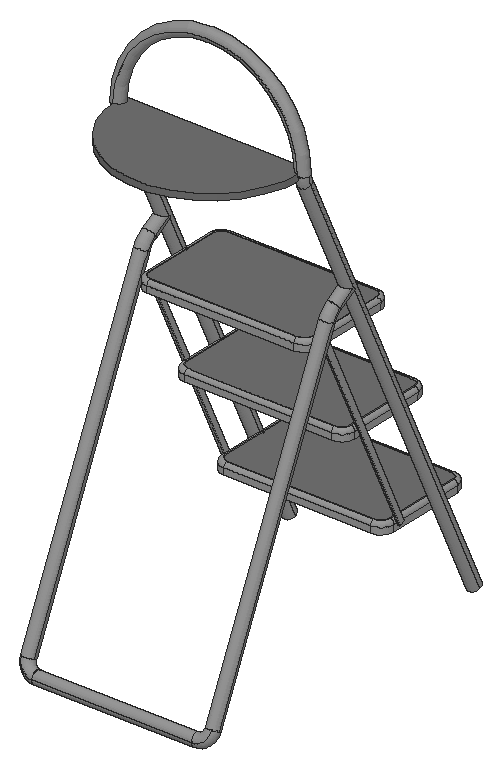
Revit family "Стремянка, 3 ступени, с полкой", category Оборудование, Revit 2017
Family settings
  Размер круглого соединителя = Использовать диаметр
  Тип детали = Нормальный
  На основе рабочей плоскости = Нет
  Всегда вертикально = Да
  При загрузке вырезать с полостями = Нет
  Общий = Нет
  Точка расчета площади = Нет
Parameters (values of type "Тип")
  Ширина = 470.0 mm
  Примечание = ""
  Обозначение = ""
  Наименование = "Стремянка архивная с 3-мя ступенями, полкой, барьером безопасности"
  Масса = "7,5"
  Код оборудования = ""
  Keynote = ""
  Изготовитель = "Severin"
  Завод = "7 полок"
  Единицы = "шт."
  Model = ""
  Глубина = 800.0 mm
  Высота = 1330.0 mm
Reference planes
  plane 1 "По центру (Вперед/Назад)": y = 0
  plane 2: z = 1100
  plane 3 "По центру (Влево/Вправо)": x = 0
  plane 4: x = 220
  plane 5: x = -220
  plane 6: through (0, 512.938, 0) normal (0, 0.9063, 0.4226)
  plane 7: through (0, -287.062, 0) normal (0, 0.9063, -0.4226)
  plane 8: z = 0
  plane 9: z = 240
  plane 10: z = 490
  plane 11: z = 730
  plane 12: y = 280
  plane 13: y = 30
Forms (mm)
  Sweep 1, solid, material "Сталь, нержавеющая, шлифованная"
    path origin (-220, 380, 1200) x (0, 1, 0) y (0, 0, 1)
      loop
        line (128.874, -1191.284) -> (-375.315, -110.046)
        arc (-375.315, -110.046) -> (-378.815, -99.737) -> (-380, -88.915) r 50
    profile origin (-220, 256.779, 549.335) x (0, -0.906308, -0.422618) y (1, 0, 0)
      loop
        circle (0, 0) r 15
  Sweep 2, solid, material "Сталь, нержавеющая, шлифованная"
    path origin (0, 0, 0) x (1, 0, 0) y (0, 0, 1)
      loop
        arc (-220, 1111.085) -> (0, 1331.085) -> (220, 1111.085) r 220
    profile origin (0, 0, 1331.085) x (0, 0, 1) y (0, -1, 0)
      loop
        circle (0, 0) r 15
  Sweep 3, solid, material "Сталь, нержавеющая, шлифованная"
    path origin (220, 380, 1200) x (0, 1, 0) y (0, 0, 1)
      loop
        line (128.874, -1191.284) -> (-375.315, -110.046)
        arc (-375.315, -110.046) -> (-378.815, -99.737) -> (-380, -88.915) r 50
    profile origin (220, 256.779, 549.335) x (0, -0.906308, -0.422618) y (1, 0, 0)
      loop
        circle (0, 0) r 15
  Sweep 4, solid, material "Сталь, нержавеющая, шлифованная"
    path origin (-220, 380, 1200) x (0, 1, 0) y (0, 0, 1)
      loop
        line (-647.17, -1157.342) -> (-309.858, -433.974)
        arc (-309.858, -433.974) -> (-301.406, -421.326) -> (-289.542, -411.804) r 50
        line (-289.542, -411.804) -> (-246.257, -386.813)
    profile origin (-220, -98.514, 404.342) x (0, -0.906308, 0.422618) y (1, 0, 0)
      loop
        circle (0, 0) r 15
  Sweep 5, solid, material "Сталь, нержавеющая, шлифованная"
    path origin (0, -287.062, 0) x (0, -0.422618, -0.906308) y (-1, 0, 0)
      loop
        arc (-47.068, 220) -> (-25.855, 211.213) -> (-17.068, 190) r 30
        line (-17.068, 190) -> (-17.068, -190)
        arc (-17.068, -190) -> (-25.855, -211.213) -> (-47.068, -220) r 30
    profile origin (0, -279.848, 15.469) x (0, -0.422618, -0.906308) y (0, 0.906308, -0.422618)
      loop
        circle (0, 0) r 15
  Sweep 6, solid, material "Сталь, нержавеющая, шлифованная"
    path origin (220, 380, 1200) x (0, 1, 0) y (0, 0, 1)
      loop
        line (-647.17, -1157.342) -> (-309.858, -433.974)
        arc (-309.858, -433.974) -> (-301.406, -421.326) -> (-289.542, -411.804) r 50
        line (-289.542, -411.804) -> (-246.257, -386.813)
    profile origin (220, -98.514, 404.342) x (0, -0.906308, 0.422618) y (1, 0, 0)
      loop
        circle (0, 0) r 15
  Extrusion 7, solid, material "Каучук, черный"
    sketch origin (0, 0, 1100) x (1, 0, 0) y (0, 1, 0)
      loop
        arc (-220, 0) -> (0, -220) -> (220, 0) r 220
        line (220, 0) -> (220, 15) -> (-220, 15) -> (-220, 0)
    from 0 to 15
  Extrusion 8, solid, material "Сталь, нержавеющая, шлифованная"
    sketch origin (0, 155, 705) x (0, 1, 0) y (0, 0, 1)
      loop
        line (-70, 15) -> (-83.595, 8.661) -> (144.896, -481.339) -> (158.491, -475) -> (-70, 15)
    from -210 to -205
  Extrusion 9, solid, material "Сталь, нержавеющая, шлифованная"
    sketch origin (0, 155, 705) x (0, 1, 0) y (0, 0, 1)
      loop
        line (-70, 15) -> (-83.595, 8.661) -> (144.896, -481.339) -> (158.491, -475) -> (-70, 15)
    from 210 to 205
Dimensions and locks
  aligned and locked: level to plane 2
Nested families
  nested 1: "Ступень" at (0, 155, 705), type "Тип"
    with GKS_TH_Примечание КР "", GKS_TH_Примечание АР ""
  nested 2: "Ступень" at (0, 266.914, 465), type "Тип"
    with GKS_TH_Примечание КР "", GKS_TH_Примечание АР ""
  nested 3: "Ступень" at (0, 383.491, 215), type "Тип"
    with GKS_TH_Примечание КР "", GKS_TH_Примечание АР ""
Definition of nested family "Ступень"
  Parameters (values of type "Тип")
    Keynote = ""
    Model = "ТХ"  # constant formula
    GKS_TH_Ширина = 0.0 mm
    GKS_TH_Цена_3 = 0
    GKS_TH_Цена_2 = 0
    GKS_TH_Цена_1 = 0
    GKS_TH_Примечание КР [instance] = ""
    GKS_TH_Примечание АР [instance] = ""
    GKS_TH_КодТСН = ""
    GKS_TH_Источник_3 = ""
    GKS_TH_Источник_2 = ""
    GKS_TH_Источник_1 = ""
    GKS_TH_Глубина = 0.0 mm
    GKS_TH_Высота = 0.0 mm
    GKS_Mep_Примечание = ""
    GKS_Mep_Обозначение = ""
    GKS_Mep_Наименование = ""
    GKS_Mep_Масса = ""
    GKS_Mep_Код оборудования = ""
    GKS_Mep_Завод = ""
    GKS_Mep_Единицы = "шт."
  Reference planes
    plane 1 "По центру (Вперед/Назад)": y = 0
    plane 2: z = 0
    plane 3 "По центру (Влево/Вправо)": x = 0
  Forms (mm)
    Extrusion 1, solid
      sketch origin (0, 0, 0) x (1, 0, 0) y (0, 1, 0)
        loop
          line (-175, -125) -> (175, -125)
          arc (175, -125) -> (196.213, -116.213) -> (205, -95) r 30
          line (205, -95) -> (205, 95)
          arc (205, 95) -> (196.213, 116.213) -> (175, 125) r 30
          line (175, 125) -> (-175, 125)
          arc (-175, 125) -> (-196.213, 116.213) -> (-205, 95) r 30
          line (-205, 95) -> (-205, -95)
          arc (-205, -95) -> (-196.213, -116.213) -> (-175, -125) r 30
      from 0 to 15
    Extrusion 2, solid
      sketch origin (0, 0, 0) x (1, 0, 0) y (0, 1, 0)
        loop
          line (-195, 95) -> (-195, -95)
          arc (-195, -95) -> (-189.142, -109.142) -> (-175, -115) r 20
          line (-175, -115) -> (175, -115)
          arc (175, -115) -> (189.142, -109.142) -> (195, -95) r 20
          line (195, -95) -> (195, 95)
          arc (195, 95) -> (189.142, 109.142) -> (175, 115) r 20
          line (175, 115) -> (-175, 115)
          arc (-175, 115) -> (-189.142, 109.142) -> (-195, 95) r 20
      from 15 to 25
    Sweep 3, solid
      path origin (0, 0, 0) x (1, 0, 0) y (0, 1, 0)
        loop
          line (175, 115) -> (-175, 115)
          arc (-175, 115) -> (-189.142, 109.142) -> (-195, 95) r 20
          line (-195, 95) -> (-195, -95)
          arc (-195, -95) -> (-189.142, -109.142) -> (-175, -115) r 20
          line (-175, -115) -> (175, -115)
          arc (175, -115) -> (189.142, -109.142) -> (195, -95) r 20
          line (195, -95) -> (195, 95)
          arc (195, 95) -> (189.142, 109.142) -> (175, 115) r 20
      profile origin (0, 115, 0) x (0, -1, 0) y (0, 0, 1)
        loop
          line (-10, 15) -> (0, 15) -> (0, 25)
          arc (0, 25) -> (-7.071, 22.071) -> (-10, 15) r 10
  Dimensions and locks
    aligned and locked: level to plane 2
